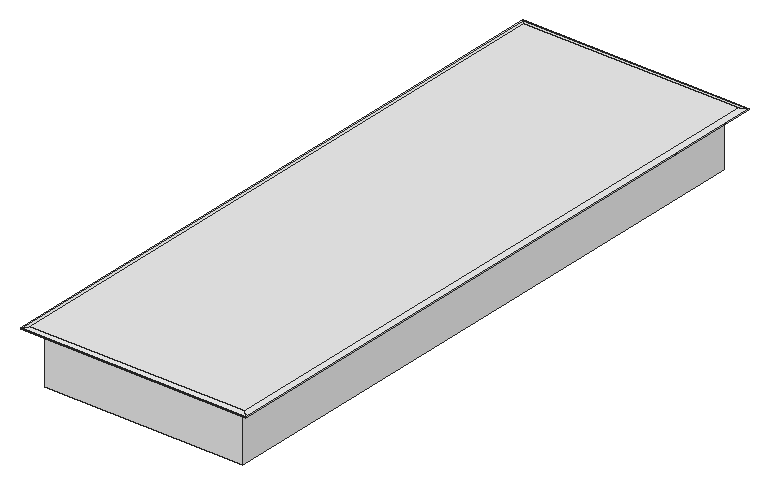
Revit family "Panel_Leviton_Indoor_42Pos", category Electrical Equipment, Revit 2026 (continued)
Definition of nested family "FrontView_42pos"
  Lines and regions (in)
    model lines
      curve 180: spline (10.60525, 18.57366, 0) -> (10.60464, 18.57364, 0) -> (10.60408, 18.57363, 0) -> (10.60357, 18.57361, 0) -> (10.60311, 18.5736, 0) -> (10.6027, 18.57358, 0) -> (10.60234, 18.57357, 0) -> (10.60203, 18.57355, 0) -> (10.60176, 18.57353, 0) -> (10.60155, 18.57352, 0) -> (10.60139, 18.5735, 0) -> (10.60129, 18.57349, 0) -> (10.60123, 18.57347, 0)
      curve 181: spline (10.69863, 18.57379, 0) -> (10.69457, 18.57382, 0) -> (10.69021, 18.57384, 0) -> (10.6856, 18.57386, 0) -> (10.68079, 18.57388, 0) -> (10.67582, 18.57389, 0) -> (10.67076, 18.5739, 0) -> (10.66564, 18.5739, 0) -> (10.66054, 18.5739, 0) -> (10.65549, 18.57389, 0) -> (10.65055, 18.57388, 0) -> (10.64578, 18.57386, 0) -> (10.64122, 18.57384, 0)
      curve 182: spline (10.69863, 18.57379, 0) -> (10.70368, 18.57376, 0) -> (10.70874, 18.57372, 0) -> (10.71382, 18.57368, 0) -> (10.71892, 18.57365, 0) -> (10.72403, 18.57361, 0) -> (10.72916, 18.57357, 0) -> (10.73431, 18.57354, 0) -> (10.73948, 18.5735, 0) -> (10.74467, 18.57347, 0) -> (10.74987, 18.57343, 0) -> (10.75509, 18.57339, 0) -> (10.76033, 18.57336, 0)
      curve 183: spline (5.49308, 18.57336, 0) -> (5.49832, 18.57339, 0) -> (5.50354, 18.57343, 0) -> (5.50875, 18.57346, 0) -> (5.51394, 18.5735, 0) -> (5.51911, 18.57354, 0) -> (5.52426, 18.57357, 0) -> (5.5294, 18.57361, 0) -> (5.53452, 18.57365, 0) -> (5.53962, 18.57368, 0) -> (5.5447, 18.57372, 0) -> (5.54977, 18.57376, 0) -> (5.55481, 18.57379, 0)
      curve 184: spline (5.61222, 18.57384, 0) -> (5.60766, 18.57386, 0) -> (5.60289, 18.57388, 0) -> (5.59796, 18.57389, 0) -> (5.59291, 18.5739, 0) -> (5.5878, 18.5739, 0) -> (5.58269, 18.5739, 0) -> (5.57762, 18.57389, 0) -> (5.57266, 18.57388, 0) -> (5.56785, 18.57386, 0) -> (5.56324, 18.57384, 0) -> (5.55888, 18.57382, 0) -> (5.55481, 18.57379, 0)
      curve 185: spline (9.8312, 22.72856, 0) -> (9.83959, 22.72857, 0) -> (9.84784, 22.72858, 0) -> (9.85581, 22.7286, 0) -> (9.86337, 22.72863, 0) -> (9.87039, 22.72868, 0) -> (9.87676, 22.72872, 0) -> (9.88236, 22.72878, 0) -> (9.88711, 22.72884, 0) -> (9.89092, 22.7289, 0) -> (9.89374, 22.72897, 0) -> (9.8955, 22.72904, 0) -> (9.89619, 22.72912, 0)
      curve 186: spline (6.35725, 22.72912, 0) -> (6.35794, 22.72904, 0) -> (6.35971, 22.72897, 0) -> (6.36252, 22.7289, 0) -> (6.36633, 22.72884, 0) -> (6.37108, 22.72878, 0) -> (6.37669, 22.72872, 0) -> (6.38305, 22.72868, 0) -> (6.39007, 22.72863, 0) -> (6.39764, 22.7286, 0) -> (6.40561, 22.72858, 0) -> (6.41386, 22.72857, 0) -> (6.42225, 22.72856, 0)
      curve 187: spline (6.42225, 22.73277, 0) -> (6.41386, 22.73276, 0) -> (6.40561, 22.73273, 0) -> (6.39764, 22.73268, 0) -> (6.39007, 22.73262, 0) -> (6.38305, 22.73254, 0) -> (6.37669, 22.73244, 0) -> (6.37108, 22.73233, 0) -> (6.36633, 22.73221, 0) -> (6.36252, 22.73208, 0) -> (6.35971, 22.73194, 0) -> (6.35794, 22.7318, 0) -> (6.35725, 22.73165, 0)
      curve 188: spline (7.56889, 22.73705, 0) -> (7.56633, 22.73701, 0) -> (7.56388, 22.73697, 0) -> (7.56157, 22.73693, 0) -> (7.55938, 22.73688, 0) -> (7.55733, 22.73684, 0) -> (7.55543, 22.73679, 0) -> (7.55367, 22.73674, 0) -> (7.55206, 22.73669, 0) -> (7.55061, 22.73663, 0) -> (7.54932, 22.73658, 0) -> (7.5482, 22.73652, 0) -> (7.54724, 22.73647, 0)
      curve 189: spline (8.7062, 22.73647, 0) -> (8.70524, 22.73652, 0) -> (8.70412, 22.73658, 0) -> (8.70283, 22.73663, 0) -> (8.70138, 22.73669, 0) -> (8.69977, 22.73674, 0) -> (8.69801, 22.73679, 0) -> (8.69611, 22.73684, 0) -> (8.69406, 22.73688, 0) -> (8.69188, 22.73693, 0) -> (8.68956, 22.73697, 0) -> (8.68712, 22.73701, 0) -> (8.68456, 22.73705, 0)
      curve 190: spline (9.89619, 22.73165, 0) -> (9.8955, 22.7318, 0) -> (9.89374, 22.73194, 0) -> (9.89092, 22.73208, 0) -> (9.88711, 22.73221, 0) -> (9.88236, 22.73233, 0) -> (9.87676, 22.73244, 0) -> (9.87039, 22.73254, 0) -> (9.86337, 22.73262, 0) -> (9.85581, 22.73268, 0) -> (9.84784, 22.73273, 0) -> (9.83959, 22.73276, 0) -> (9.8312, 22.73277, 0)
      curve 191: line (9.24386, 31.58231, 0) -> (9.03434, 31.51911, 0)
      curve 192: arc (9.24386, 31.58231, 0) -> (9.13063, 31.57878, 0) -> (9.03434, 31.51911, 0) r 0.21884
      curve 193: arc (9.03434, 31.51911, 0) -> (8.98079, 31.41929, 0) -> (8.98432, 31.30606, 0) r 0.21884
      curve 194: line (9.03434, 31.51911, 0) -> (8.98432, 31.30606, 0)
      curve 195: arc (9.35333, 31.21942, 0) -> (9.40688, 31.31924, 0) -> (9.40335, 31.43247, 0) r 0.21884
      curve 196: line (9.35333, 31.21942, 0) -> (9.40335, 31.43247, 0)
      curve 197: arc (9.14382, 31.15622, 0) -> (9.25704, 31.15975, 0) -> (9.35333, 31.21942, 0) r 0.21884
      curve 198: line (9.14382, 31.15622, 0) -> (9.35333, 31.21942, 0)
      curve 199: line (8.88651, 31.43381, 0) -> (9.09359, 31.69411, 0)
      curve 200: arc (8.88651, 31.43381, 0) -> (9.09725, 31.07046, 0) -> (9.4808, 31.24171, 0) r 0.31403
      curve 201: line (9.09359, 31.69411, 0) -> (9.4808, 31.24171, 0)
      curve 202: line (9.19027, 31.65927, 0) -> (8.88651, 31.43381, 0)
      curve 203: arc (9.40335, 31.43247, 0) -> (9.34368, 31.52876, 0) -> (9.24386, 31.58231, 0) r 0.21884
      curve 204: line (9.40335, 31.43247, 0) -> (9.24386, 31.58231, 0)
      curve 205: line (8.98432, 31.30606, 0) -> (9.14382, 31.15622, 0)
      curve 206: arc (8.98432, 31.30606, 0) -> (9.04399, 31.20977, 0) -> (9.14382, 31.15622, 0) r 0.21884
      curve 207: arc (9.36537, 31.60313, 0) -> (9.28239, 31.64545, 0) -> (9.19027, 31.65927, 0) r 0.29003
      curve 208: line (9.4808, 31.24171, 0) -> (9.36537, 31.60313, 0)
      curve 209: arc (9.3236, 31.50739, 0) -> (9.23715, 31.55377, 0) -> (9.1391, 31.55071, 0) r 0.18952
      curve 210: arc (9.37831, 31.32581, 0) -> (9.3753, 31.42394, 0) -> (9.3236, 31.50739, 0) r 0.18952
      curve 211: arc (9.24872, 31.18787, 0) -> (9.33197, 31.2395, 0) -> (9.37831, 31.32581, 0) r 0.18952
      curve 212: arc (9.06407, 31.23114, 0) -> (9.15059, 31.18475, 0) -> (9.24872, 31.18787, 0) r 0.18952
      curve 213: arc (9.00933, 31.41258, 0) -> (9.01239, 31.31453, 0) -> (9.06407, 31.23114, 0) r 0.18952
      curve 214: arc (9.1391, 31.55071, 0) -> (9.05571, 31.49903, 0) -> (9.00933, 31.41258, 0) r 0.18952
      curve 215: arc (7.09663, 31.58231, 0) -> (7.06833, 31.58702, 0) -> (7.03966, 31.58799, 0) r 0.21884
      curve 216: line (7.2061, 31.21942, 0) -> (7.25612, 31.43247, 0)
      curve 217: arc (7.2061, 31.21942, 0) -> (7.25966, 31.31924, 0) -> (7.25612, 31.43247, 0) r 0.21884
      curve 218: arc (7.03966, 31.15054, 0) -> (7.1303, 31.16706, 0) -> (7.2061, 31.21942, 0) r 0.21884
      curve 219: line (7.03966, 31.16921, 0) -> (7.2061, 31.21942, 0)
      curve 220: arc (7.03966, 31.05531, 0) -> (7.2148, 31.10407, 0) -> (7.33357, 31.24171, 0) r 0.31403
      curve 221: line (7.03966, 31.05115, 0) -> (7.33357, 31.24171, 0)
      curve 222: line (7.03966, 31.03121, 0) -> (7.03966, 31.7087, 0)
      curve 223: line (7.25612, 31.43247, 0) -> (7.09663, 31.58231, 0)
      curve 224: arc (7.25612, 31.43247, 0) -> (7.19645, 31.52876, 0) -> (7.09663, 31.58231, 0) r 0.21884
      curve 225: arc (7.21814, 31.60313, 0) -> (7.13516, 31.64545, 0) -> (7.04305, 31.65927, 0) r 0.29003
      curve 226: line (7.33357, 31.24171, 0) -> (7.21814, 31.60313, 0)
      curve 227: arc (7.23109, 31.32587, 0) -> (7.22807, 31.42396, 0) -> (7.17638, 31.50739, 0) r 0.18952
      curve 228: arc (7.10157, 31.18789, 0) -> (7.18479, 31.23955, 0) -> (7.23109, 31.32587, 0) r 0.18952
      curve 229: arc (7.17638, 31.50739, 0) -> (7.11315, 31.54672, 0) -> (7.03966, 31.55866, 0) r 0.18952
      curve 230: line (5.28177, 18.56969, 0) -> (5.30177, 18.56935, 0)
      curve 231: line (8.15423, 34.1207, 0) -> (8.15423, 34.14683, 0)
      curve 232: line (8.15423, 34.14683, 0) -> (8.20762, 34.19796, 0)
      curve 233: line (8.20762, 34.19796, 0) -> (8.15423, 34.2491, 0)
      curve 234: line (8.15423, 34.2491, 0) -> (8.15423, 34.27522, 0)
      curve 235: line (8.09922, 34.27522, 0) -> (8.09922, 34.2491, 0)
      curve 236: line (8.09922, 34.2491, 0) -> (8.04582, 34.19796, 0)
      curve 237: line (8.04582, 34.19796, 0) -> (8.09922, 34.14683, 0)
      curve 238: line (8.09922, 34.14683, 0) -> (8.09922, 34.1207, 0)
      curve 239: line (8.04583, 34.19796, 0) -> (8.12509, 34.19796, 0)
      curve 240: line (8.12672, 34.19952, 0) -> (8.12672, 34.27543, 0)
      curve 241: line (8.12672, 34.27543, 0) -> (8.20762, 34.19796, 0)
      curve 242: line (8.20762, 34.19796, 0) -> (8.12835, 34.19796, 0)
      curve 243: line (8.12672, 34.1964, 0) -> (8.12672, 34.12049, 0)
      curve 244: line (8.20762, 34.19796, 0) -> (8.12672, 34.12049, 0)
      curve 245: line (8.12672, 34.12049, 0) -> (8.04583, 34.19796, 0)
      curve 246: line (8.04583, 34.19796, 0) -> (8.12672, 34.27543, 0)
      curve 247: line (8.09922, 6.03864, 0) -> (8.09922, 6.01252, 0)
      curve 248: line (8.09922, 6.01252, 0) -> (8.04582, 5.96138, 0)
      curve 249: line (8.04582, 5.96138, 0) -> (8.09922, 5.91025, 0)
      curve 250: line (8.09922, 5.91025, 0) -> (8.09922, 5.88412, 0)
      curve 251: line (8.15423, 5.88412, 0) -> (8.15423, 5.91025, 0)
      curve 252: line (8.15423, 5.91025, 0) -> (8.20762, 5.96138, 0)
      curve 253: line (8.20762, 5.96138, 0) -> (8.15423, 6.01252, 0)
      curve 254: line (8.15423, 6.01252, 0) -> (8.15423, 6.03864, 0)
      curve 255: line (8.12672, 5.96294, 0) -> (8.12672, 6.03885, 0)
      curve 256: line (8.12672, 6.03885, 0) -> (8.20762, 5.96138, 0)
      curve 257: line (8.20762, 5.96138, 0) -> (8.12835, 5.96138, 0)
      curve 258: line (8.12672, 5.88391, 0) -> (8.12509, 5.96138, 0)
      curve 259: line (8.12509, 5.96138, 0) -> (8.04583, 5.96138, 0)
      curve 260: line (8.04583, 5.96138, 0) -> (8.12672, 6.03885, 0)
      curve 261: line (8.20762, 5.96138, 0) -> (8.12672, 5.88391, 0)
      curve 262: line (8.12672, 5.88391, 0) -> (8.04583, 5.96138, 0)
      curve 263: line (11.76511, 28.9477, 0) -> (8.65478, 28.93871, 0)
      curve 264: line (8.65478, 28.93871, 0) -> (8.65478, 28.79017, 0)
      curve 265: line (8.65478, 28.79017, 0) -> (11.76511, 28.79017, 0)
      curve 266: line (11.76511, 28.79017, 0) -> (11.76511, 28.76319, 0)
      curve 267: line (11.76511, 28.76319, 0) -> (8.65478, 28.76319, 0)
      curve 268: line (8.65478, 28.76319, 0) -> (8.65478, 28.79017, 0)
      curve 269: line (8.65478, 26.68297, 0) -> (11.76511, 26.68297, 0)
      curve 270: line (11.76511, 26.68297, 0) -> (11.76511, 25.85738, 0)
      curve 271: line (11.76511, 25.85738, 0) -> (8.65478, 25.85738, 0)
      curve 272: line (8.65478, 25.85738, 0) -> (8.65478, 26.68297, 0)
      curve 273: line (8.65478, 26.68297, 0) -> (8.65478, 26.70995, 0)
      curve 274: line (8.65478, 26.70995, 0) -> (8.65478, 26.85849, 0)
      curve 275: line (8.65478, 26.85849, 0) -> (11.76511, 26.86749, 0)
      curve 276: line (8.65478, 26.70995, 0) -> (11.76511, 26.70995, 0)
      curve 277: line (11.76511, 26.70995, 0) -> (11.76511, 26.68297, 0)
      curve 278: line (4.48834, 28.79017, 0) -> (7.59867, 28.79017, 0)
      curve 279: line (7.59867, 28.79017, 0) -> (7.59867, 28.76319, 0)
      curve 280: line (7.59867, 28.76319, 0) -> (4.48834, 28.76319, 0)
      curve 281: line (4.48834, 28.76319, 0) -> (4.48834, 28.79017, 0)
      curve 282: line (4.48834, 28.79017, 0) -> (4.48834, 28.93871, 0)
      curve 283: line (4.48834, 28.93871, 0) -> (7.59867, 28.9477, 0)
      curve 284: line (11.76511, 20.62683, 0) -> (8.65478, 20.61784, 0)
      curve 285: line (8.65478, 20.61784, 0) -> (8.65478, 20.46929, 0)
      curve 286: line (8.65478, 20.46929, 0) -> (11.76511, 20.46929, 0)
      curve 287: line (11.76511, 20.46929, 0) -> (11.76511, 20.44232, 0)
      curve 288: line (11.76511, 20.44232, 0) -> (8.65478, 20.44232, 0)
      curve 289: line (8.65478, 20.44232, 0) -> (8.65478, 20.46929, 0)
      curve 290: line (8.65478, 22.54951, 0) -> (8.65478, 22.52254, 0)
      curve 291: line (8.65478, 22.52254, 0) -> (11.76511, 22.52254, 0)
      curve 292: line (11.76511, 22.52254, 0) -> (11.76511, 22.54951, 0)
      curve 293: line (11.76511, 22.54951, 0) -> (11.76511, 22.69806, 0)
      curve 294: line (8.65478, 25.82738, 0) -> (8.65478, 25.81838, 0)
      curve 295: line (8.65478, 25.81838, 0) -> (8.65478, 25.66984, 0)
      curve 296: line (8.65478, 25.66984, 0) -> (11.76511, 25.66984, 0)
      curve 297: line (11.76511, 25.66984, 0) -> (11.76511, 25.64287, 0)
      curve 298: line (11.76511, 25.64287, 0) -> (8.65478, 25.64287, 0)
      curve 299: line (8.65478, 25.64287, 0) -> (8.65478, 25.66984, 0)
      curve 300: line (8.65478, 27.75006, 0) -> (8.65478, 27.72308, 0)
      curve 301: line (8.65478, 27.72308, 0) -> (11.76511, 27.72308, 0)
      curve 302: line (11.76511, 27.72308, 0) -> (11.76511, 27.75006, 0)
      curve 303: line (11.76511, 27.75006, 0) -> (11.76511, 27.8986, 0)
      curve 304: line (11.76511, 27.8986, 0) -> (11.76511, 27.90759, 0)
      curve 305: line (11.76511, 27.90759, 0) -> (8.65478, 27.8986, 0)
      curve 306: line (8.65478, 27.8986, 0) -> (8.65478, 27.75006, 0)
      curve 307: line (8.65478, 27.75006, 0) -> (11.76511, 27.75006, 0)
      curve 308: line (4.48834, 25.64287, 0) -> (7.59867, 25.64287, 0)
      curve 309: line (7.59867, 25.64287, 0) -> (7.59867, 24.81727, 0)
      curve 310: line (7.59867, 24.81727, 0) -> (4.48834, 24.81727, 0)
      curve 311: line (4.48834, 24.81727, 0) -> (4.48834, 25.64287, 0)
      curve 312: line (4.48834, 25.64287, 0) -> (4.48834, 25.66984, 0)
      curve 313: line (8.65478, 27.72308, 0) -> (8.65478, 26.89749, 0)
      curve 314: line (8.65478, 26.89749, 0) -> (11.76511, 26.89749, 0)
      curve 315: line (11.76511, 26.89749, 0) -> (11.76511, 27.72308, 0)
      curve 316: line (7.59867, 21.66694, 0) -> (4.48834, 21.65795, 0)
      curve 317: line (4.48834, 21.65795, 0) -> (4.48834, 21.5094, 0)
      curve 318: line (4.48834, 21.5094, 0) -> (7.59867, 21.5094, 0)
      curve 319: line (7.59867, 21.5094, 0) -> (7.59867, 21.48243, 0)
      curve 320: line (7.59867, 21.48243, 0) -> (4.48834, 21.48243, 0)
      curve 321: line (4.48834, 21.48243, 0) -> (4.48834, 21.5094, 0)
      curve 322: line (4.48834, 19.42918, 0) -> (7.59867, 19.42918, 0)
      curve 323: line (7.59867, 19.42918, 0) -> (7.59867, 19.40221, 0)
      curve 324: line (7.59867, 19.40221, 0) -> (4.48834, 19.40221, 0)
      curve 325: line (4.48834, 19.40221, 0) -> (4.48834, 19.42918, 0)
      curve 326: line (4.48834, 19.42918, 0) -> (4.48834, 19.57773, 0)
      curve 327: line (4.48834, 19.57773, 0) -> (7.59867, 19.58672, 0)
      curve 328: line (8.65478, 28.76319, 0) -> (8.65478, 27.9376, 0)
      curve 329: line (8.65478, 27.9376, 0) -> (11.76511, 27.9376, 0)
      curve 330: line (11.76511, 27.9376, 0) -> (11.76511, 28.76319, 0)
      curve 331: line (4.48834, 23.56265, 0) -> (7.59867, 23.56265, 0)
      curve 332: line (4.48834, 23.58962, 0) -> (4.48834, 23.56265, 0)
      curve 333: line (4.48834, 23.56265, 0) -> (4.48834, 22.73705, 0)
      curve 334: line (4.48834, 22.73705, 0) -> (7.59867, 22.73705, 0)
      curve 335: line (7.59867, 22.73705, 0) -> (7.59867, 23.56265, 0)
      curve 336: line (7.59867, 23.56265, 0) -> (7.59867, 23.58962, 0)
      curve 337: line (11.76511, 24.78727, 0) -> (8.65478, 24.77827, 0)
      curve 338: line (8.65478, 24.77827, 0) -> (8.65478, 24.62973, 0)
      curve 339: line (8.65478, 24.62973, 0) -> (11.76511, 24.62973, 0)
      curve 340: line (11.76511, 24.62973, 0) -> (11.76511, 24.60276, 0)
      curve 341: line (11.76511, 24.60276, 0) -> (8.65478, 24.60276, 0)
      curve 342: line (8.65478, 24.60276, 0) -> (8.65478, 24.62973, 0)
      curve 343: line (7.59867, 25.82738, 0) -> (4.48834, 25.81838, 0)
      curve 344: line (4.48834, 25.81838, 0) -> (4.48834, 25.66984, 0)
      curve 345: line (4.48834, 25.66984, 0) -> (7.59867, 25.66984, 0)
      curve 346: line (7.59867, 25.66984, 0) -> (7.59867, 25.64287, 0)
      curve 347: line (4.48834, 27.75006, 0) -> (7.59867, 27.75006, 0)
      curve 348: line (7.59867, 27.75006, 0) -> (7.59867, 27.72308, 0)
      curve 349: line (7.59867, 27.72308, 0) -> (4.48834, 27.72308, 0)
      curve 350: line (4.48834, 27.72308, 0) -> (4.48834, 27.75006, 0)
      curve 351: line (4.48834, 27.75006, 0) -> (4.48834, 27.8986, 0)
      curve 352: line (4.48834, 27.8986, 0) -> (4.48834, 27.90759, 0)
      curve 353: line (8.65478, 22.52254, 0) -> (8.65478, 21.69694, 0)
      curve 354: line (8.65478, 21.69694, 0) -> (11.76511, 21.69694, 0)
      curve 355: line (11.76511, 21.69694, 0) -> (11.76511, 22.52254, 0)
      curve 356: line (8.65478, 20.44232, 0) -> (8.65478, 19.61672, 0)
      curve 357: line (8.65478, 19.61672, 0) -> (11.76511, 19.61672, 0)
      curve 358: line (11.76511, 19.61672, 0) -> (11.76511, 20.44232, 0)
      curve 359: line (4.48834, 21.48243, 0) -> (4.48834, 20.65683, 0)
      curve 360: line (4.48834, 20.65683, 0) -> (7.59867, 20.65683, 0)
      curve 361: line (7.59867, 20.65683, 0) -> (7.59867, 21.48243, 0)
      curve 362: line (4.48834, 28.76319, 0) -> (4.48834, 27.9376, 0)
      curve 363: line (4.48834, 27.9376, 0) -> (7.59867, 27.9376, 0)
      curve 364: line (7.59867, 27.9376, 0) -> (7.59867, 28.76319, 0)
      curve 365: line (8.65478, 24.60276, 0) -> (8.65478, 23.77716, 0)
      curve 366: line (8.65478, 23.77716, 0) -> (11.76511, 23.77716, 0)
      curve 367: line (11.76511, 23.77716, 0) -> (11.76511, 24.60276, 0)
      curve 368: line (4.48834, 27.72308, 0) -> (4.48834, 26.89749, 0)
      curve 369: line (4.48834, 26.89749, 0) -> (7.59867, 26.89749, 0)
      curve 370: line (7.59867, 26.89749, 0) -> (7.59867, 27.72308, 0)
      curve 371: line (4.48834, 19.40221, 0) -> (4.48834, 18.57661, 0)
      curve 372: line (4.48834, 18.57661, 0) -> (7.59867, 18.57661, 0)
      curve 373: line (7.59867, 18.57661, 0) -> (7.59867, 19.40221, 0)
      curve 374: line (4.48834, 20.46929, 0) -> (4.48834, 20.44232, 0)
      curve 375: line (4.48834, 20.44232, 0) -> (7.59867, 20.44232, 0)
      curve 376: line (7.59867, 20.44232, 0) -> (7.59867, 20.46929, 0)
      curve 377: line (7.59867, 20.46929, 0) -> (7.59867, 20.61784, 0)
      curve 378: line (8.65478, 19.42918, 0) -> (11.76511, 19.42918, 0)
      curve 379: line (11.76511, 19.42918, 0) -> (11.76511, 19.40221, 0)
      curve 380: line (11.76511, 19.40221, 0) -> (8.65478, 19.40221, 0)
      curve 381: line (8.65478, 19.40221, 0) -> (8.65478, 19.42918, 0)
      curve 382: line (8.65478, 19.42918, 0) -> (8.65478, 19.57773, 0)
      curve 383: line (8.65478, 19.57773, 0) -> (8.65478, 19.58672, 0)
      curve 384: line (8.65478, 23.74716, 0) -> (8.65478, 23.73817, 0)
      curve 385: line (8.65478, 23.73817, 0) -> (8.65478, 23.58962, 0)
      curve 386: line (8.65478, 23.58962, 0) -> (8.65478, 23.56265, 0)
      curve 387: line (8.65478, 23.56265, 0) -> (11.76511, 23.56265, 0)
      curve 388: line (8.65478, 21.5094, 0) -> (11.76511, 21.5094, 0)
      curve 389: line (11.76511, 21.5094, 0) -> (11.76511, 21.48243, 0)
      curve 390: line (11.76511, 21.48243, 0) -> (8.65478, 21.48243, 0)
      curve 391: line (8.65478, 21.48243, 0) -> (8.65478, 21.5094, 0)
      curve 392: line (8.65478, 21.5094, 0) -> (8.65478, 21.65795, 0)
      curve 393: line (8.65478, 21.65795, 0) -> (11.76511, 21.66694, 0)
      curve 394: line (4.48834, 22.54951, 0) -> (4.48834, 22.52254, 0)
      curve 395: line (4.48834, 22.52254, 0) -> (7.59867, 22.52254, 0)
      curve 396: line (7.59867, 22.52254, 0) -> (7.59867, 22.54951, 0)
      curve 397: line (8.65478, 21.48243, 0) -> (8.65478, 20.65683, 0)
      curve 398: line (8.65478, 20.65683, 0) -> (11.76511, 20.65683, 0)
      curve 399: line (11.76511, 20.65683, 0) -> (11.76511, 21.48243, 0)
      curve 400: line (4.48834, 24.60276, 0) -> (4.48834, 24.62973, 0)
      curve 401: line (4.48834, 24.62973, 0) -> (7.59867, 24.62973, 0)
      curve 402: line (7.59867, 24.62973, 0) -> (7.59867, 24.60276, 0)
      curve 403: line (4.48834, 26.68297, 0) -> (4.48834, 25.85738, 0)
      curve 404: line (4.48834, 25.85738, 0) -> (7.59867, 25.85738, 0)
      curve 405: line (7.59867, 25.85738, 0) -> (7.59867, 26.68297, 0)
      curve 406: line (7.59867, 26.68297, 0) -> (7.59867, 26.70995, 0)
      curve 407: line (7.59867, 19.61672, 0) -> (4.48834, 19.61672, 0)
      curve 408: line (4.48834, 19.61672, 0) -> (4.48834, 20.44232, 0)
      curve 409: line (10.76033, 18.57336, 0) -> (11.76511, 18.57661, 0)
      curve 410: line (11.76511, 18.57661, 0) -> (11.76511, 19.40221, 0)
      curve 411: line (9.58188, 18.56969, 0) -> (8.65478, 18.5731, 0)
      curve 412: line (8.65478, 18.5731, 0) -> (8.7246, 18.57083, 0)
      curve 413: line (8.7246, 18.57083, 0) -> (9.66299, 18.57083, 0)
      curve 414: line (9.66718, 18.56978, 0) -> (9.7216, 18.56978, 0)
      curve 415: line (9.72579, 18.57083, 0) -> (9.8469, 18.57083, 0)
      curve 416: line (9.85005, 18.57004, 0) -> (11.64363, 18.57004, 0)
      curve 417: line (11.64363, 18.56969, 0) -> (11.70992, 18.56969, 0)
      curve 418: line (11.70992, 18.56969, 0) -> (11.76511, 18.57661, 0)
      curve 419: line (11.76511, 18.57661, 0) -> (8.65478, 18.57661, 0)
      curve 420: line (8.65478, 18.57661, 0) -> (8.65478, 19.40221, 0)
      curve 421: line (8.65478, 23.58962, 0) -> (11.76511, 23.58962, 0)
      curve 422: line (4.48834, 22.52254, 0) -> (4.48834, 21.69694, 0)
      curve 423: line (4.48834, 21.69694, 0) -> (7.59867, 21.69694, 0)
      curve 424: line (7.59867, 21.69694, 0) -> (7.59867, 22.52254, 0)
      curve 425: line (4.48834, 26.70995, 0) -> (7.59867, 26.70995, 0)
      curve 426: line (7.59867, 26.70995, 0) -> (7.59867, 26.85849, 0)
      curve 427: line (8.65478, 25.64287, 0) -> (8.65478, 24.81727, 0)
      curve 428: line (8.65478, 24.81727, 0) -> (11.76511, 24.81727, 0)
      curve 429: line (11.76511, 24.81727, 0) -> (11.76511, 25.64287, 0)
      curve 430: line (4.48834, 28.9477, 0) -> (4.48834, 28.93871, 0)
      curve 431: line (4.48834, 28.93871, 0) -> (7.59867, 28.93871, 0)
      curve 432: line (7.59867, 28.93871, 0) -> (7.59867, 28.79017, 0)
      curve 433: line (4.48834, 20.62683, 0) -> (4.48834, 20.61784, 0)
      curve 434: line (4.48834, 20.61784, 0) -> (7.59867, 20.61784, 0)
      curve 435: line (7.59867, 20.61784, 0) -> (7.59867, 20.62683, 0)
      curve 436: line (7.59867, 20.62683, 0) -> (4.48834, 20.61784, 0)
      curve 437: line (4.48834, 20.61784, 0) -> (4.48834, 20.46929, 0)
      curve 438: line (4.48834, 20.46929, 0) -> (7.59867, 20.46929, 0)
      curve 439: line (4.48834, 25.82738, 0) -> (4.48834, 25.81838, 0)
      curve 440: line (4.48834, 25.81838, 0) -> (7.59867, 25.81838, 0)
      curve 441: line (7.59867, 25.81838, 0) -> (7.59867, 25.66984, 0)
      curve 442: line (7.59867, 23.74716, 0) -> (4.48834, 23.73817, 0)
      curve 443: line (4.48834, 23.73817, 0) -> (7.59867, 23.73817, 0)
      curve 444: line (7.59867, 23.73817, 0) -> (7.59867, 23.58962, 0)
      curve 445: line (7.59867, 23.58962, 0) -> (4.48834, 23.58962, 0)
      curve 446: line (4.48834, 23.58962, 0) -> (4.48834, 23.73817, 0)
      curve 447: line (4.48834, 23.73817, 0) -> (4.48834, 23.74716, 0)
      curve 448: line (11.76511, 19.58672, 0) -> (8.65478, 19.57773, 0)
      curve 449: line (8.65478, 19.57773, 0) -> (11.76511, 19.57773, 0)
      curve 450: line (11.76511, 19.57773, 0) -> (11.76511, 19.42918, 0)
      curve 451: line (4.48834, 19.58672, 0) -> (4.48834, 19.57773, 0)
      curve 452: line (4.48834, 19.57773, 0) -> (7.59867, 19.57773, 0)
      curve 453: line (7.59867, 19.57773, 0) -> (7.59867, 19.42918, 0)
      curve 454: line (8.65478, 20.62683, 0) -> (8.65478, 20.61784, 0)
      curve 455: line (8.65478, 20.61784, 0) -> (11.76511, 20.61784, 0)
      curve 456: line (11.76511, 20.61784, 0) -> (11.76511, 20.46929, 0)
      curve 457: line (8.65478, 26.86749, 0) -> (8.65478, 26.85849, 0)
      curve 458: line (8.65478, 26.85849, 0) -> (11.76511, 26.85849, 0)
      curve 459: line (11.76511, 26.85849, 0) -> (11.76511, 26.70995, 0)
      curve 460: line (11.76511, 25.82738, 0) -> (8.65478, 25.81838, 0)
      curve 461: line (8.65478, 25.81838, 0) -> (11.76511, 25.81838, 0)
      curve 462: line (11.76511, 25.81838, 0) -> (11.76511, 25.66984, 0)
      curve 463: line (8.65478, 28.9477, 0) -> (8.65478, 28.93871, 0)
      curve 464: line (8.65478, 28.93871, 0) -> (11.76511, 28.93871, 0)
      curve 465: line (11.76511, 28.93871, 0) -> (11.76511, 28.79017, 0)
      curve 466: line (8.65478, 22.70705, 0) -> (8.65478, 22.69806, 0)
      curve 467: line (8.65478, 22.69806, 0) -> (11.76511, 22.69806, 0)
      curve 468: line (11.76511, 22.69806, 0) -> (11.76511, 22.70705, 0)
      curve 469: line (11.76511, 22.70705, 0) -> (8.65478, 22.69806, 0)
      curve 470: line (8.65478, 22.69806, 0) -> (8.65478, 22.54951, 0)
      curve 471: line (8.65478, 22.54951, 0) -> (11.76511, 22.54951, 0)
      curve 472: line (7.59867, 27.90759, 0) -> (4.48834, 27.8986, 0)
      curve 473: line (4.48834, 27.8986, 0) -> (7.59867, 27.8986, 0)
      curve 474: line (7.59867, 27.8986, 0) -> (7.59867, 27.75006, 0)
      curve 475: line (8.65478, 24.78727, 0) -> (8.65478, 24.77827, 0)
      curve 476: line (8.65478, 24.77827, 0) -> (11.76511, 24.77827, 0)
      curve 477: line (11.76511, 24.77827, 0) -> (11.76511, 24.62973, 0)
      curve 478: line (8.65478, 23.56265, 0) -> (8.65478, 22.73705, 0)
      curve 479: line (8.65478, 22.73705, 0) -> (11.76511, 22.73705, 0)
      curve 480: line (11.76511, 22.73705, 0) -> (11.76511, 23.56265, 0)
      curve 481: line (11.76511, 23.56265, 0) -> (11.76511, 23.58962, 0)
      curve 482: line (11.76511, 23.58962, 0) -> (11.76511, 23.74716, 0)
      curve 483: line (11.76511, 23.74716, 0) -> (8.65478, 23.73817, 0)
      curve 484: line (8.65478, 23.73817, 0) -> (11.76511, 23.73817, 0)
      curve 485: line (4.48834, 24.62973, 0) -> (4.48834, 24.77827, 0)
      curve 486: line (4.48834, 24.77827, 0) -> (7.59867, 24.77827, 0)
      curve 487: line (7.59867, 24.77827, 0) -> (7.59867, 24.62973, 0)
      curve 488: line (4.48834, 21.66694, 0) -> (4.48834, 21.65795, 0)
      curve 489: line (4.48834, 21.65795, 0) -> (7.59867, 21.65795, 0)
      curve 490: line (7.59867, 21.65795, 0) -> (7.59867, 21.5094, 0)
      curve 491: line (8.65478, 27.90759, 0) -> (8.65478, 27.8986, 0)
      curve 492: line (8.65478, 27.8986, 0) -> (11.76511, 27.8986, 0)
      curve 493: line (4.48834, 26.86749, 0) -> (4.48834, 26.85849, 0)
      curve 494: line (4.48834, 26.85849, 0) -> (7.59867, 26.85849, 0)
      curve 495: line (7.59867, 26.85849, 0) -> (7.59867, 26.86749, 0)
      curve 496: line (7.59867, 26.86749, 0) -> (4.48834, 26.85849, 0)
      curve 497: line (4.48834, 26.85849, 0) -> (4.48834, 26.70995, 0)
      curve 498: line (4.48834, 26.70995, 0) -> (4.48834, 26.68297, 0)
      curve 499: line (4.48834, 26.68297, 0) -> (7.59867, 26.68297, 0)
      curve 500: line (8.65478, 21.66694, 0) -> (8.65478, 21.65795, 0)
      curve 501: line (8.65478, 21.65795, 0) -> (11.76511, 21.65795, 0)
      curve 502: line (11.76511, 21.65795, 0) -> (11.76511, 21.5094, 0)
      curve 503: line (4.48834, 22.70705, 0) -> (4.48834, 22.69806, 0)
      curve 504: line (4.48834, 22.69806, 0) -> (7.59867, 22.69806, 0)
      curve 505: line (7.59867, 22.69806, 0) -> (7.59867, 22.70705, 0)
      curve 506: line (7.59867, 22.70705, 0) -> (4.48834, 22.69806, 0)
      curve 507: line (4.48834, 22.69806, 0) -> (4.48834, 22.54951, 0)
      curve 508: line (4.48834, 22.54951, 0) -> (7.59867, 22.54951, 0)
      curve 509: line (7.59867, 22.54951, 0) -> (7.59867, 22.69806, 0)
      curve 510: line (4.48834, 24.78727, 0) -> (7.59867, 24.78727, 0)
      curve 511: line (7.13967, 33.87857, 0) -> (7.13967, 33.93022, 0)
      curve 512: line (7.13967, 33.93022, 0) -> (8.12672, 33.93022, 0)
      curve 513: line (8.12672, 33.93022, 0) -> (9.57183, 33.93022, 0)
      curve 514: line (9.57183, 33.93022, 0) -> (9.57183, 33.87857, 0)
      curve 515: line (9.57183, 33.87857, 0) -> (8.12672, 33.87857, 0)
      curve 516: line (8.12672, 33.87857, 0) -> (8.12672, 33.6808, 0)
      curve 517: line (8.12672, 33.6808, 0) -> (7.13967, 33.6808, 0)
      curve 518: line (7.13967, 33.6808, 0) -> (7.13967, 33.66241, 0)
      curve 519: line (7.13967, 33.66241, 0) -> (7.13967, 33.53018, 0)
      curve 520: line (7.13967, 33.53018, 0) -> (8.12672, 33.53018, 0)
      curve 521: line (8.12672, 33.53018, 0) -> (8.12672, 33.66241, 0)
      curve 522: line (8.12672, 33.66241, 0) -> (7.13967, 33.6808, 0)
      curve 523: line (7.13967, 33.6808, 0) -> (7.13967, 33.87857, 0)
      curve 524: line (7.13967, 33.87857, 0) -> (8.12672, 33.87857, 0)
      curve 525: line (8.65478, 18.57661, 0) -> (8.65478, 18.56661, 0)
      curve 526: line (8.65478, 18.56661, 0) -> (11.76511, 18.56661, 0)
      curve 527: line (11.76511, 18.56661, 0) -> (11.76511, 18.57661, 0)
      curve 528: line (8.65478, 27.9376, 0) -> (8.65478, 27.9276, 0)
      curve 529: line (8.65478, 27.9276, 0) -> (11.76511, 27.9276, 0)
      curve 530: line (11.76511, 27.9276, 0) -> (11.76511, 27.9376, 0)
      curve 531: line (8.65478, 26.89749, 0) -> (8.65478, 26.88749, 0)
      curve 532: line (8.65478, 26.88749, 0) -> (11.76511, 26.88749, 0)
      curve 533: line (11.76511, 26.88749, 0) -> (11.76511, 26.89749, 0)
      curve 534: line (8.65478, 25.85738, 0) -> (8.65478, 25.84738, 0)
      curve 535: line (8.65478, 25.84738, 0) -> (11.76511, 25.84738, 0)
      curve 536: line (11.76511, 25.84738, 0) -> (11.76511, 25.85738, 0)
      curve 537: line (8.65478, 24.81727, 0) -> (8.65478, 24.80727, 0)
      curve 538: line (8.65478, 24.80727, 0) -> (11.76511, 24.80727, 0)
      curve 539: line (11.76511, 24.80727, 0) -> (11.76511, 24.81727, 0)
      curve 540: line (8.65478, 23.77716, 0) -> (8.65478, 23.76716, 0)
      curve 541: line (8.65478, 23.76716, 0) -> (11.76511, 23.76716, 0)
      curve 542: line (11.76511, 23.76716, 0) -> (11.76511, 23.77716, 0)
      curve 543: line (8.65478, 21.69694, 0) -> (8.65478, 21.68694, 0)
      curve 544: line (8.65478, 21.68694, 0) -> (11.76511, 21.68694, 0)
      curve 545: line (11.76511, 21.68694, 0) -> (11.76511, 21.69694, 0)
      curve 546: line (8.65478, 20.65683, 0) -> (8.65478, 20.64683, 0)
      curve 547: line (8.65478, 20.64683, 0) -> (11.76511, 20.64683, 0)
      curve 548: line (11.76511, 20.64683, 0) -> (11.76511, 20.65683, 0)
      curve 549: line (8.65478, 19.61672, 0) -> (8.65478, 19.60672, 0)
      curve 550: line (8.65478, 19.60672, 0) -> (11.76511, 19.60672, 0)
      curve 551: line (11.76511, 19.60672, 0) -> (11.76511, 19.61672, 0)
      curve 552: line (4.48834, 18.57661, 0) -> (4.48834, 18.56661, 0)
      curve 553: line (4.48834, 18.56661, 0) -> (7.59867, 18.56661, 0)
      curve 554: line (7.59867, 18.56661, 0) -> (7.59867, 18.57661, 0)
      curve 555: line (7.59867, 18.5731, 0) -> (7.52885, 18.57083, 0)
      curve 556: line (7.52885, 18.57083, 0) -> (6.59046, 18.57083, 0)
      curve 557: line (6.58627, 18.56978, 0) -> (6.53185, 18.56978, 0)
      curve 558: line (6.52766, 18.57083, 0) -> (6.40654, 18.57083, 0)
      curve 559: line (6.4034, 18.57004, 0) -> (4.61121, 18.57004, 0)
      curve 560: line (4.61121, 18.57004, 0) -> (4.54353, 18.56969, 0)
      curve 561: line (4.54353, 18.56969, 0) -> (4.48834, 18.56969, 0)
      curve 562: line (4.48834, 18.56969, 0) -> (5.49308, 18.57336, 0)
      curve 563: line (4.48834, 27.9376, 0) -> (4.48834, 27.9276, 0)
      curve 564: line (4.48834, 27.9276, 0) -> (7.59867, 27.9276, 0)
      curve 565: line (7.59867, 27.9276, 0) -> (7.59867, 27.9376, 0)
      curve 566: line (4.48834, 26.89749, 0) -> (4.48834, 26.88749, 0)
      curve 567: line (4.48834, 26.88749, 0) -> (7.59867, 26.88749, 0)
      curve 568: line (7.59867, 26.88749, 0) -> (7.59867, 26.89749, 0)
      curve 569: line (4.48834, 25.85738, 0) -> (4.48834, 25.84738, 0)
      curve 570: line (4.48834, 25.84738, 0) -> (7.59867, 25.84738, 0)
      curve 571: line (7.59867, 25.84738, 0) -> (7.59867, 25.85738, 0)
      curve 572: line (4.48834, 24.81727, 0) -> (4.48834, 24.80727, 0)
      curve 573: line (4.48834, 24.80727, 0) -> (7.59867, 24.80727, 0)
      curve 574: line (7.59867, 24.80727, 0) -> (7.59867, 24.81727, 0)
      curve 575: line (4.48834, 23.77716, 0) -> (4.48834, 23.76716, 0)
      curve 576: line (4.48834, 23.76716, 0) -> (7.59867, 23.76716, 0)
      curve 577: line (7.59867, 23.76716, 0) -> (7.59867, 23.77716, 0)
      curve 578: line (7.59867, 23.77716, 0) -> (4.48834, 23.77716, 0)
      curve 579: line (4.48834, 23.77716, 0) -> (4.48834, 24.60276, 0)
      curve 580: line (4.48834, 24.60276, 0) -> (7.59867, 24.60276, 0)
      curve 581: line (7.59867, 24.60276, 0) -> (7.59867, 23.77716, 0)
      curve 582: line (4.48834, 21.69694, 0) -> (4.48834, 21.68694, 0)
      curve 583: line (4.48834, 21.68694, 0) -> (7.59867, 21.68694, 0)
      curve 584: line (7.59867, 21.68694, 0) -> (7.59867, 21.69694, 0)
      curve 585: line (4.48834, 20.65683, 0) -> (4.48834, 20.64683, 0)
      curve 586: line (4.48834, 20.64683, 0) -> (7.59867, 20.64683, 0)
      curve 587: line (7.59867, 20.64683, 0) -> (7.59867, 20.65683, 0)
      curve 588: line (4.48834, 19.61672, 0) -> (4.48834, 19.60672, 0)
      curve 589: line (4.48834, 19.60672, 0) -> (7.59867, 19.60672, 0)
      curve 590: line (7.59867, 19.60672, 0) -> (7.59867, 19.61672, 0)
      curve 591: line (7.59867, 19.61672, 0) -> (7.59867, 20.44232, 0)
      curve 592: line (11.76511, 29.19773, 0) -> (8.65478, 29.19773, 0)
      curve 593: line (8.65478, 29.19773, 0) -> (8.65478, 28.98771, 0)
      curve 594: line (8.65478, 28.98771, 0) -> (11.76511, 28.98771, 0)
      curve 595: line (11.76511, 28.98771, 0) -> (11.76511, 29.19773, 0)
      curve 596: line (11.76511, 29.19773, 0) -> (11.76461, 29.1769, 0)
      curve 597: line (11.76461, 29.1769, 0) -> (8.65528, 29.1769, 0)
      curve 598: line (8.65528, 29.1769, 0) -> (8.65478, 29.19773, 0)
      curve 599: line (4.48884, 29.19773, 0) -> (4.48884, 29.1769, 0)
      curve 600: line (4.48884, 29.1769, 0) -> (7.59817, 29.1769, 0)
      curve 601: line (7.59817, 29.1769, 0) -> (7.59817, 29.19773, 0)
      curve 602: line (7.59817, 29.19773, 0) -> (4.48834, 29.19773, 0)
      curve 603: line (4.48834, 29.19773, 0) -> (4.48834, 28.98771, 0)
      curve 604: line (4.48834, 28.98771, 0) -> (7.59867, 28.98771, 0)
      curve 605: line (7.59867, 28.98771, 0) -> (7.59867, 29.19773, 0)
      curve 606: line (4.48884, 29.1769, 0) -> (4.48884, 28.9904, 0)
      curve 607: line (4.48884, 28.9904, 0) -> (7.59817, 28.9904, 0)
      curve 608: line (7.59817, 28.9904, 0) -> (7.59817, 29.1769, 0)
      curve 609: line (8.65528, 29.1769, 0) -> (8.65528, 28.9904, 0)
      curve 610: line (8.65528, 28.9904, 0) -> (11.76461, 28.9904, 0)
      curve 611: line (11.76461, 28.9904, 0) -> (11.76461, 29.1769, 0)
      curve 612: line (6.69127, 33.43017, 0) -> (6.88904, 33.43017, 0)
      curve 613: line (6.88904, 33.43017, 0) -> (7.03966, 33.43017, 0)
      curve 614: line (7.03966, 33.43017, 0) -> (7.03966, 30.65809, 0)
      curve 615: line (7.03966, 30.65809, 0) -> (6.90743, 30.65809, 0)
      curve 616: line (6.90743, 30.65809, 0) -> (6.90743, 33.43017, 0)
      curve 617: line (6.90743, 33.43017, 0) -> (6.88904, 33.43017, 0)
      curve 618: line (6.88904, 33.43017, 0) -> (6.88904, 30.65809, 0)
      curve 619: line (6.88904, 30.65809, 0) -> (6.69127, 30.65809, 0)
      curve 620: line (6.69127, 30.65809, 0) -> (6.63962, 30.65809, 0)
      curve 621: line (6.63962, 30.65809, 0) -> (6.63962, 33.43017, 0)
      curve 622: line (6.63962, 33.43017, 0) -> (6.69127, 33.43017, 0)
      curve 623: line (6.69127, 33.43017, 0) -> (6.69127, 30.65809, 0)
      curve 624: line (10.02022, 30.65809, 0) -> (9.82246, 30.65809, 0)
      curve 625: line (9.82246, 30.65809, 0) -> (9.80407, 30.65809, 0)
      curve 626: line (9.80407, 30.65809, 0) -> (9.80407, 33.43017, 0)
      curve 627: line (9.80407, 33.43017, 0) -> (9.67184, 33.43017, 0)
      curve 628: line (9.67184, 33.43017, 0) -> (9.67184, 30.65809, 0)
      curve 629: line (9.67184, 30.65809, 0) -> (9.82246, 30.65809, 0)
      curve 630: line (9.82246, 30.65809, 0) -> (9.82246, 33.43017, 0)
      curve 631: line (9.82246, 33.43017, 0) -> (10.02022, 33.43017, 0)
      curve 632: line (10.02022, 33.43017, 0) -> (10.07188, 33.43017, 0)
      curve 633: line (10.07188, 33.43017, 0) -> (10.07188, 30.65809, 0)
      curve 634: line (10.07188, 30.65809, 0) -> (10.02022, 30.65809, 0)
      curve 635: line (10.02022, 30.65809, 0) -> (10.02022, 33.43017, 0)
      curve 636: line (8.12672, 33.53018, 0) -> (9.57183, 33.53018, 0)
      curve 637: line (9.57183, 33.53018, 0) -> (9.57183, 33.6808, 0)
      curve 638: line (9.57183, 33.6808, 0) -> (9.57183, 33.66241, 0)
      curve 639: line (9.57183, 33.66241, 0) -> (8.12672, 33.66241, 0)
      curve 640: line (8.12672, 33.66241, 0) -> (9.57183, 33.6808, 0)
      curve 641: line (9.57183, 33.6808, 0) -> (9.57183, 33.87857, 0)
      curve 642: line (7.13967, 30.20969, 0) -> (7.13967, 30.40746, 0)
      curve 643: line (7.13967, 30.40746, 0) -> (9.57183, 30.40746, 0)
      curve 644: line (9.57183, 30.40746, 0) -> (9.57183, 30.42585, 0)
      curve 645: line (9.57183, 30.42585, 0) -> (9.57183, 30.55808, 0)
      curve 646: line (9.57183, 30.55808, 0) -> (7.13967, 30.55808, 0)
      curve 647: line (7.13967, 30.55808, 0) -> (7.13967, 30.40746, 0)
      curve 648: line (7.13967, 30.40746, 0) -> (7.13967, 30.42585, 0)
      curve 649: line (7.13967, 30.42585, 0) -> (9.57183, 30.40746, 0)
      curve 650: line (9.57183, 30.40746, 0) -> (9.57183, 30.20969, 0)
      curve 651: line (9.57183, 30.20969, 0) -> (9.57183, 30.15804, 0)
      curve 652: line (9.57183, 30.15804, 0) -> (7.13967, 30.15804, 0)
      curve 653: line (7.13967, 30.15804, 0) -> (7.13967, 30.20969, 0)
      curve 654: line (7.13967, 30.20969, 0) -> (9.57183, 30.20969, 0)
      curve 655: line (13.12274, 34.55294, 0) -> (13.12274, 5.57421, 0)
      curve 656: line (13.42728, 34.86703, 0) -> (13.42728, 15.19436, 0)
      curve 657: line (3.22621, 4.93728, 0) -> (13.02724, 4.93728, 0)
      curve 658: line (2.82617, 34.86703, 0) -> (2.82617, 5.33732, 0)
      curve 659: line (13.02724, 35.26708, 0) -> (3.22621, 35.26708, 0)
      curve 660: line (3.52624, 5.17417, 0) -> (12.72721, 5.17417, 0)
      curve 661: line (12.72721, 5.17417, 0) -> (3.52624, 5.17417, 0)
      curve 662: line (12.72721, 35.01292, 0) -> (3.52624, 35.01292, 0)
      curve 663: line (3.52624, 35.01292, 0) -> (12.72721, 35.01292, 0)
      curve 664: line (3.1262, 24.02815, 0) -> (3.1262, 5.57421, 0)
      curve 665: line (3.13071, 5.57421, 0) -> (3.13071, 34.55294, 0)
      curve 666: line (13.42728, 5.33732, 0) -> (14.37738, 5.33732, 0)
      curve 667: line (14.37738, 5.33732, 0) -> (14.37738, 15.19436, 0)
      curve 668: line (14.37738, 15.19436, 0) -> (13.42728, 15.19436, 0)
      curve 669: line (13.42728, 15.19436, 0) -> (13.42728, 5.33732, 0)
      curve 670: line (13.42728, 34.86703, 0) -> (14.37738, 34.86703, 0)
      curve 671: line (14.37738, 34.86703, 0) -> (14.37738, 15.19436, 0)
      curve 672: line (3.22621, 35.26708, 0) -> (3.22621, 36.21718, 0)
      curve 673: line (3.22621, 36.21718, 0) -> (13.02724, 36.21718, 0)
      curve 674: line (13.02724, 36.21718, 0) -> (13.02724, 35.26708, 0)
      curve 675: line (2.82617, 34.86703, 0) -> (1.87607, 34.86703, 0)
      curve 676: line (1.87607, 34.86703, 0) -> (1.87607, 5.33732, 0)
      curve 677: line (1.87607, 5.33732, 0) -> (2.82617, 5.33732, 0)
      curve 678: line (3.22621, 4.93728, 0) -> (3.22621, 3.98718, 0)
      curve 679: line (3.22621, 3.98718, 0) -> (13.02724, 3.98718, 0)
      curve 680: line (13.02724, 3.98718, 0) -> (13.02724, 4.93728, 0)
      curve 681: line (12.62268, 33.11519, 0) -> (12.62268, 15.19436, 0)
      curve 682: line (12.62268, 15.19436, 0) -> (12.62268, 7.07495, 0)
      curve 683: line (12.62268, 7.07495, 0) -> (12.71869, 7.07495, 0)
      curve 684: line (12.71869, 7.07495, 0) -> (12.71869, 15.19436, 0)
      curve 685: line (12.71869, 15.19436, 0) -> (12.71869, 33.11519, 0)
      curve 686: line (12.71869, 33.11519, 0) -> (12.62268, 33.11519, 0)
      curve 687: line (11.22647, 5.67874, 0) -> (5.32701, 5.67874, 0)
      curve 688: line (5.32701, 5.67874, 0) -> (5.32701, 5.58273, 0)
      curve 689: line (5.32701, 5.58273, 0) -> (11.22647, 5.58273, 0)
      curve 690: line (11.22647, 5.58273, 0) -> (11.22647, 5.67874, 0)
      curve 691: line (5.32701, 34.5114, 0) -> (11.22647, 34.5114, 0)
      curve 692: line (11.22647, 34.5114, 0) -> (11.22647, 34.61141, 0)
      curve 693: line (11.22647, 34.60741, 0) -> (5.32701, 34.60741, 0)
      curve 694: line (5.32701, 34.60741, 0) -> (5.32701, 34.5114, 0)
      curve 695: line (3.9308, 7.07495, 0) -> (3.83479, 7.07495, 0)
      curve 696: line (3.83479, 7.07495, 0) -> (3.83479, 33.11519, 0)
      curve 697: line (3.83079, 33.11519, 0) -> (3.9308, 33.11519, 0)
      curve 698: line (3.9308, 33.11519, 0) -> (3.9308, 7.07495, 0)
      curve 699: line (7.00661, 5.67874, 0) -> (7.00661, 5.72674, 0)
      curve 700: line (7.00661, 5.72674, 0) -> (9.25184, 5.72674, 0)
      curve 701: line (9.25184, 5.72674, 0) -> (9.25184, 5.67874, 0)
      curve 702: line (7.00661, 34.5114, 0) -> (7.00661, 34.4634, 0)
      curve 703: line (7.00661, 34.4634, 0) -> (9.25184, 34.4634, 0)
      curve 704: line (9.25184, 34.4634, 0) -> (9.25184, 34.5114, 0)
      curve 705: line (7.00661, 5.72674, 0) -> (7.00661, 5.8473, 0)
      curve 706: line (9.25184, 5.72674, 0) -> (9.25184, 5.8473, 0)
      curve 707: line (9.25184, 34.34284, 0) -> (9.25184, 34.4634, 0)
      curve 708: line (7.00661, 34.34284, 0) -> (7.00661, 34.4634, 0)
      curve 709: line (7.03966, 31.80681, 0) -> (7.48416, 31.80681, 0)
      curve 710: line (7.48416, 31.80681, 0) -> (7.48416, 31.78181, 0)
      curve 711: line (7.48416, 31.78181, 0) -> (7.48416, 30.95672, 0)
      curve 712: line (7.48416, 30.95672, 0) -> (7.48416, 30.93172, 0)
      curve 713: line (7.48416, 30.93172, 0) -> (7.48416, 30.59719, 0)
      curve 714: line (7.48416, 30.59719, 0) -> (7.49666, 30.55808, 0)
      curve 715: line (7.48416, 30.93172, 0) -> (7.03966, 30.93172, 0)
      curve 716: line (7.28339, 30.93172, 0) -> (7.28339, 30.7167, 0)
      curve 717: line (7.28339, 30.7167, 0) -> (7.03966, 30.7167, 0)
      curve 718: line (9.63138, 31.78181, 0) -> (8.75629, 31.78181, 0)
      curve 719: line (8.75629, 31.78181, 0) -> (8.75629, 31.80681, 0)
      curve 720: line (8.75629, 31.80681, 0) -> (9.63138, 31.80681, 0)
      curve 721: line (9.63138, 31.80681, 0) -> (9.63138, 31.78181, 0)
      curve 722: line (9.63138, 31.78181, 0) -> (9.63138, 30.95672, 0)
      curve 723: line (9.63138, 30.95672, 0) -> (9.63138, 30.93172, 0)
      curve 724: line (9.63138, 30.93172, 0) -> (9.63138, 30.57775, 0)
      curve 725: line (8.75629, 31.78181, 0) -> (8.75629, 30.95672, 0)
      curve 726: line (8.75629, 30.95672, 0) -> (9.63138, 30.95672, 0)
      curve 727: line (9.63138, 30.93172, 0) -> (8.75629, 30.93172, 0)
      curve 728: line (8.75629, 30.93172, 0) -> (8.75629, 30.95672, 0)
      curve 729: line (9.43062, 30.93172, 0) -> (9.43062, 30.7167, 0)
      curve 730: line (9.43062, 30.7167, 0) -> (8.95705, 30.7167, 0)
      curve 731: line (8.95705, 30.7167, 0) -> (8.95705, 30.93172, 0)
      curve 732: line (7.48105, 30.59719, 0) -> (7.49666, 30.58158, 0)
      curve 733: line (7.49666, 30.58158, 0) -> (8.75629, 30.59719, 0)
      curve 734: line (8.75629, 30.59719, 0) -> (8.75629, 30.93172, 0)
      curve 735: line (5.61222, 18.57384, 0) -> (5.65812, 18.57052, 0)
      curve 736: line (5.65812, 18.57052, 0) -> (5.65222, 18.57347, 0)
      curve 737: line (5.65222, 18.57347, 0) -> (5.65812, 18.57052, 0)
      curve 738: line (5.65812, 18.57052, 0) -> (6.3568, 18.57052, 0)
      curve 739: line (9.8312, 18.57126, 0) -> (8.76297, 18.57126, 0)
      curve 740: line (8.76297, 18.57126, 0) -> (8.70606, 18.57312, 0)
      curve 741: line (9.89619, 18.57071, 0) -> (10.59033, 18.57071, 0)
      curve 742: line (10.59533, 18.57052, 0) -> (10.64122, 18.57384, 0)
      curve 743: line (9.83754, 22.7319, 0) -> (9.8312, 22.72856, 0)
      curve 744: line (9.8312, 22.72856, 0) -> (8.76297, 22.72856, 0)
      curve 745: line (8.76297, 22.72856, 0) -> (8.71658, 22.72705, 0)
      curve 746: line (8.71658, 22.72705, 0) -> (8.72076, 22.73215, 0)
      curve 747: line (8.72076, 22.73215, 0) -> (8.76297, 22.73277, 0)
      curve 748: line (8.76297, 22.73277, 0) -> (9.8312, 22.73277, 0)
      curve 749: line (7.53269, 22.73215, 0) -> (7.53687, 22.72705, 0)
      curve 750: line (7.53687, 22.72705, 0) -> (7.49048, 22.72856, 0)
      curve 751: line (7.49048, 22.72856, 0) -> (6.42225, 22.72856, 0)
      curve 752: line (6.42225, 22.72856, 0) -> (6.41591, 22.7319, 0)
      curve 753: line (6.41277, 22.7319, 0) -> (7.49048, 22.7319, 0)
      curve 754: line (7.49048, 22.7319, 0) -> (7.54724, 22.73647, 0)
      curve 755: line (10.60525, 19.60672, 0) -> (10.60525, 19.61672, 0)
      curve 756: line (10.60525, 20.64683, 0) -> (10.60525, 20.65683, 0)
      curve 757: line (10.60525, 21.68694, 0) -> (10.60525, 21.69694, 0)
      curve 758: line (5.6482, 19.60672, 0) -> (5.6482, 19.61672, 0)
      curve 759: line (5.6482, 21.68694, 0) -> (5.6482, 21.69694, 0)
      curve 760: line (5.6482, 20.64683, 0) -> (5.6482, 20.65683, 0)
      curve 761: line (10.76031, 20.65683, 0) -> (10.76031, 20.64683, 0)
      curve 762: line (10.76031, 19.61672, 0) -> (10.76031, 19.60672, 0)
      curve 763: line (10.76031, 21.69694, 0) -> (10.76031, 21.68694, 0)
      curve 764: line (5.49313, 19.60672, 0) -> (5.49313, 19.61672, 0)
      curve 765: line (5.49313, 20.64683, 0) -> (5.49313, 20.65683, 0)
      curve 766: line (5.49313, 21.68694, 0) -> (5.49313, 21.69694, 0)
      curve 767: line (7.49048, 19.60672, 0) -> (7.49048, 19.61672, 0)
      curve 768: line (7.49048, 21.68694, 0) -> (7.49048, 21.69694, 0)
      curve 769: line (7.49048, 20.64683, 0) -> (7.49048, 20.65683, 0)
      curve 770: line (8.76297, 21.68694, 0) -> (8.76297, 21.69694, 0)
      curve 771: line (8.76297, 19.60672, 0) -> (8.76297, 19.61672, 0)
      curve 772: line (8.76297, 20.64683, 0) -> (8.76297, 20.65683, 0)
      curve 773: line (6.3568, 19.60672, 0) -> (6.3568, 19.61672, 0)
      curve 774: line (6.3568, 21.68694, 0) -> (6.3568, 21.69694, 0)
      curve 775: line (6.3568, 20.64683, 0) -> (6.3568, 20.65683, 0)
      curve 776: line (9.89665, 21.68694, 0) -> (9.89665, 21.69694, 0)
      curve 777: line (9.89665, 19.60672, 0) -> (9.89665, 19.61672, 0)
      curve 778: line (9.89665, 20.64683, 0) -> (9.89665, 20.65683, 0)
      curve 779: line (10.60525, 23.77716, 0) -> (10.60525, 23.76716, 0)
      curve 780: line (10.60525, 23.76716, 0) -> (10.59524, 23.76716, 0)
      curve 781: line (10.60525, 24.81727, 0) -> (10.60525, 24.80727, 0)
      curve 782: line (10.60525, 24.80727, 0) -> (10.59524, 24.80727, 0)
      curve 783: line (10.60525, 25.85738, 0) -> (10.60525, 25.84738, 0)
      curve 784: line (10.60525, 25.84738, 0) -> (10.59524, 25.84738, 0)
      curve 785: line (10.60525, 26.89749, 0) -> (10.60525, 26.88749, 0)
      curve 786: line (10.60525, 26.88749, 0) -> (10.59524, 26.88749, 0)
      curve 787: line (10.60525, 27.9376, 0) -> (10.60525, 27.9276, 0)
      curve 788: line (10.60525, 27.9276, 0) -> (10.59524, 27.9276, 0)
      curve 789: line (5.6482, 23.77716, 0) -> (5.6482, 23.76716, 0)
      curve 790: line (5.6482, 23.76716, 0) -> (5.6582, 23.76716, 0)
      curve 791: line (5.6482, 24.81727, 0) -> (5.6482, 24.80727, 0)
      curve 792: line (5.6482, 24.80727, 0) -> (5.6582, 24.80727, 0)
      curve 793: line (5.6482, 25.85738, 0) -> (5.6482, 25.84738, 0)
      curve 794: line (5.6482, 25.84738, 0) -> (5.6582, 25.84738, 0)
      curve 795: line (5.6482, 26.89749, 0) -> (5.6482, 26.88749, 0)
      curve 796: line (5.6482, 26.88749, 0) -> (5.6582, 26.88749, 0)
      curve 797: line (5.6482, 27.9376, 0) -> (5.6482, 27.9276, 0)
      curve 798: line (5.6482, 27.9276, 0) -> (5.6582, 27.9276, 0)
      curve 799: line (5.49313, 25.84738, 0) -> (5.49313, 25.85738, 0)
      curve 800: line (5.49313, 26.88749, 0) -> (5.49313, 26.89749, 0)
      curve 801: line (5.49313, 24.80727, 0) -> (5.49313, 24.81727, 0)
      curve 802: line (5.49313, 23.76716, 0) -> (5.49313, 23.77716, 0)
      curve 803: line (10.76031, 27.9376, 0) -> (10.76031, 27.9276, 0)
      curve 804: line (10.76031, 25.85738, 0) -> (10.76031, 25.84738, 0)
      curve 805: line (10.76031, 23.77716, 0) -> (10.76031, 23.76716, 0)
      curve 806: line (10.76031, 26.89749, 0) -> (10.76031, 26.88749, 0)
      curve 807: line (10.76031, 24.81727, 0) -> (10.76031, 24.80727, 0)
      curve 808: line (11.76511, 22.73032, 0) -> (10.76031, 22.73032, 0)
      curve 809: line (10.76031, 22.73032, 0) -> (10.76031, 22.73705, 0)
      curve 810: line (10.76031, 22.73705, 0) -> (10.69863, 22.73032, 0)
      curve 811: line (10.69863, 22.73032, 0) -> (10.64071, 22.72983, 0)
      curve 812: line (10.63949, 22.73013, 0) -> (10.61672, 22.73032, 0)
      curve 813: line (10.61672, 22.73032, 0) -> (10.59984, 22.72705, 0)
      curve 814: line (10.59033, 22.72935, 0) -> (9.89665, 22.72935, 0)
      curve 815: line (9.89665, 22.72935, 0) -> (9.91319, 22.72983, 0)
      curve 816: line (9.91441, 22.73032, 0) -> (9.89665, 22.7312, 0)
      curve 817: line (9.89665, 22.7312, 0) -> (10.59524, 22.7312, 0)
      curve 818: line (10.59524, 22.7312, 0) -> (10.6011, 22.73705, 0)
      curve 819: line (10.6011, 22.73705, 0) -> (10.6161, 22.73705, 0)
      curve 820: line (10.6161, 22.73705, 0) -> (10.60937, 22.73032, 0)
      curve 821: line (10.60937, 22.73032, 0) -> (9.85005, 22.73032, 0)
      curve 822: line (9.8469, 22.7319, 0) -> (9.72579, 22.7319, 0)
      curve 823: line (9.72348, 22.73074, 0) -> (9.73064, 22.73004, 0)
      curve 824: line (9.73376, 22.7319, 0) -> (9.72209, 22.73004, 0)
      curve 825: line (9.72209, 22.73004, 0) -> (9.73064, 22.73004, 0)
      curve 826: line (9.73376, 22.72904, 0) -> (9.83754, 22.72904, 0)
      curve 827: line (9.84068, 22.72983, 0) -> (9.91319, 22.72983, 0)
      curve 828: line (9.91319, 22.72983, 0) -> (10.63949, 22.72983, 0)
      curve 829: line (10.63949, 22.73013, 0) -> (11.62587, 22.73013, 0)
      curve 830: line (11.62587, 22.72983, 0) -> (11.70992, 22.73013, 0)
      curve 831: line (11.70992, 22.73013, 0) -> (11.76511, 22.73013, 0)
      curve 832: line (11.76511, 22.72705, 0) -> (8.65478, 22.72705, 0)
      curve 833: line (8.65478, 22.72705, 0) -> (8.65478, 22.73705, 0)
      curve 834: line (8.65478, 22.73705, 0) -> (8.72076, 22.72904, 0)
      curve 835: line (8.72076, 22.72904, 0) -> (9.65502, 22.72904, 0)
      curve 836: line (9.65904, 22.73004, 0) -> (9.66669, 22.73004, 0)
      curve 837: line (9.66669, 22.73004, 0) -> (9.65502, 22.7319, 0)
      curve 838: line (9.66299, 22.7319, 0) -> (8.7246, 22.7319, 0)
      curve 839: line (8.7246, 22.7319, 0) -> (8.65492, 22.73643, 0)
      curve 840: line (5.49313, 27.9276, 0) -> (5.49313, 27.9376, 0)
      curve 841: line (4.48834, 22.73032, 0) -> (5.49313, 22.73032, 0)
      curve 842: line (5.49313, 22.73032, 0) -> (5.49313, 22.73705, 0)
      curve 843: line (5.49313, 22.73705, 0) -> (5.55481, 22.73032, 0)
      curve 844: line (5.55481, 22.73032, 0) -> (5.61222, 22.73032, 0)
      curve 845: line (5.61222, 22.73032, 0) -> (5.63673, 22.73032, 0)
      curve 846: line (5.63673, 22.73032, 0) -> (5.6582, 22.7312, 0)
      curve 847: line (5.6582, 22.7312, 0) -> (6.3568, 22.7312, 0)
      curve 848: line (6.3568, 22.72935, 0) -> (5.66312, 22.72935, 0)
      curve 849: line (5.65361, 22.72705, 0) -> (5.63673, 22.73705, 0)
      curve 850: line (5.63673, 22.73705, 0) -> (5.6582, 22.7312, 0)
      curve 851: line (5.6582, 22.7312, 0) -> (5.64346, 22.73032, 0)
      curve 852: line (5.64346, 22.73032, 0) -> (6.4034, 22.73032, 0)
      curve 853: line (6.40654, 22.7319, 0) -> (6.52766, 22.7319, 0)
      curve 854: line (6.51969, 22.7319, 0) -> (6.53136, 22.73004, 0)
      curve 855: line (6.53136, 22.73004, 0) -> (6.52371, 22.73004, 0)
      curve 856: line (6.51969, 22.72904, 0) -> (6.41591, 22.72904, 0)
      curve 857: line (6.41277, 22.72983, 0) -> (4.62635, 22.72983, 0)
      curve 858: line (4.62635, 22.73013, 0) -> (4.54353, 22.73013, 0)
      curve 859: line (4.54353, 22.73013, 0) -> (4.48834, 22.73705, 0)
      curve 860: line (4.48834, 22.73705, 0) -> (4.48834, 22.72705, 0)
      curve 861: line (4.48834, 22.72705, 0) -> (7.59867, 22.72705, 0)
      curve 862: line (7.59867, 22.72705, 0) -> (7.59867, 22.73705, 0)
      curve 863: line (7.59852, 22.73643, 0) -> (7.52885, 22.7319, 0)
      curve 864: line (7.52885, 22.7319, 0) -> (6.59046, 22.7319, 0)
      curve 865: line (6.58659, 22.72996, 0) -> (6.59441, 22.73013, 0)
      curve 866: line (6.58893, 22.73113, 0) -> (6.59843, 22.7319, 0)
      curve 867: line (6.59843, 22.7319, 0) -> (6.58676, 22.73004, 0)
      curve 868: line (6.58676, 22.73004, 0) -> (6.59441, 22.73004, 0)
      curve 869: line (6.59843, 22.72904, 0) -> (7.53269, 22.72904, 0)
      curve 870: line (7.53269, 22.72904, 0) -> (7.59382, 22.72705, 0)
      curve 871: line (10.59524, 22.7312, 0) -> (10.60998, 22.73094, 0)
      curve 872: line (10.60937, 22.73032, 0) -> (10.61672, 22.73032, 0)
      curve 873: line (10.61672, 22.73032, 0) -> (10.60937, 22.73032, 0)
      curve 874: line (8.76297, 23.77716, 0) -> (8.76297, 23.76716, 0)
      curve 875: line (8.76297, 24.81727, 0) -> (8.76297, 24.80727, 0)
      curve 876: line (8.76297, 25.85738, 0) -> (8.76297, 25.84738, 0)
      curve 877: line (8.76297, 26.89749, 0) -> (8.76297, 26.88749, 0)
      curve 878: line (8.76297, 27.9376, 0) -> (8.76297, 27.9276, 0)
      curve 879: line (7.49048, 23.77716, 0) -> (7.49048, 23.76716, 0)
      curve 880: line (7.49048, 24.81727, 0) -> (7.49048, 24.80727, 0)
